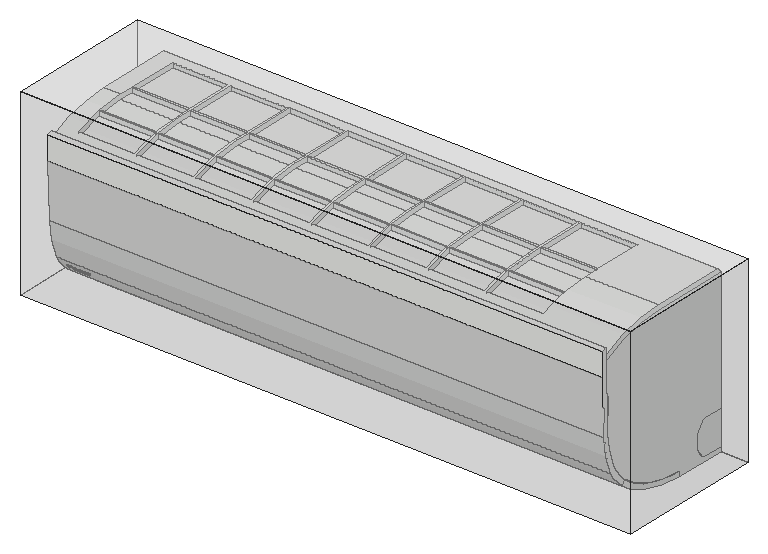
Revit family "outputfile", category 機械設備, Revit 2024
Family settings
  丸型コネクタ寸法 = 半径を使用
  パーツ タイプ = 標準
  OmniClass 番号 = 23.75.10.24.21.27.27
  OmniClass タイトル = Split System Air Conditioning Units
  作業面ベース = いいえ
  常に垂直 = はい
  ロード時にボイドで切り取り = いいえ
  注釈の向きを維持 = いいえ
  共有 = いいえ
  部屋計算ポイント = いいえ
Parameters (values of type "CTKM60VVMG")
  Description = ""
  書き出し IFC クラス(タイプ) = "IfcUnitaryEquipmentType"
  定義済み IFC タイプ(タイプ) = "AIRCONDITIONINGUNIT"
  Cost = 0
  Type Comments = ""
  Keynote = ""
  Type Image = (empty or 0)
  Assembly Code = ""
  w_wall hole = if(Width = 770.0 mm, 48.0 mm, 60.0 mm)  # 60.0 mm
  製造元 = "Daikin"
  モデル = "CTKM60VVMG"
  switch_frequency = yes
  r_Liquid Pipe Size = Liquid Pipe Size / 2  # 3.2 mm
  r_Gas Pipe Size = Gas Pipe Size / 2  # 6.35 mm
  r_Drain Pipe Size = Drain Pipe Size / 2  # 8.0 mm
  lw_powersupply [instance] = if(Width = 770.0 mm, if(or(Rear Right Connection_refrigerant, Bottom Right Connection_refrigerant), 25.0 mm, if(or(Rear Left Connection_refrigerant, Bottom Left Connection_refrigerant), 745.0 mm, 400.0 mm)), if(Width = 990.0 mm, if(or(Rear Right Connection_refrigerant, Bottom Right Connection_refrigerant), 40.0 mm, if(or(Rear Left Connection_refrigerant, Bottom Left Connection_refrigerant), 920.0 mm, 400.0 mm)), if(or(Rear Right Connection_refrigerant, Bottom Right Connection_refrigerant), 40.0 mm, if(or(Rear Left Connection_refrigerant, Bottom Left Connection_refrigerant), 920.0 mm, 400.0 mm))))  # 400.0 mm
  lw_liquidpipe [instance] = if(Width = 770.0 mm, if(or(Rear Right Connection_refrigerant, Bottom Right Connection_refrigerant), 0.0 mm, if(or(Rear Left Connection_refrigerant, Bottom Left Connection_refrigerant), 664.0 mm, 385.0 mm)), if(Width = 990.0 mm, if(or(Rear Right Connection_refrigerant, Bottom Right Connection_refrigerant), 0.0 mm, if(or(Rear Left Connection_refrigerant, Bottom Left Connection_refrigerant), 664.0 mm + (990.0 mm - 770.0 mm), 475.0 mm)), if(or(Rear Right Connection_refrigerant, Bottom Right Connection_refrigerant), 0.0 mm, if(or(Rear Left Connection_refrigerant, Bottom Left Connection_refrigerant), 664.0 mm + (990.0 mm - 770.0 mm), 475.0 mm))))  # 475.0 mm
  lw_gaspipe [instance] = if(Width = 770.0 mm, if(or(Rear Right Connection_refrigerant, Bottom Right Connection_refrigerant), 0.0 mm, if(or(Rear Left Connection_refrigerant, Bottom Left Connection_refrigerant), 675.0 mm, if(Gas Pipe Size = 12.7 mm, 345.0 mm, 335.0 mm))), if(Width = 990.0 mm, if(or(Rear Right Connection_refrigerant, Bottom Right Connection_refrigerant), 10.0 mm, if(or(Rear Left Connection_refrigerant, Bottom Left Connection_refrigerant), 890.0 mm, if(Gas Pipe Size = 15.9 mm, 410.0 mm, 400.0 mm))), if(or(Rear Right Connection_refrigerant, Bottom Right Connection_refrigerant), 10.0 mm, if(or(Rear Left Connection_refrigerant, Bottom Left Connection_refrigerant), 890.0 mm, if(Gas Pipe Size = 15.9 mm, 410.0 mm, 400.0 mm)))))  # 400.0 mm
  lw_drainpipe [instance] = if(Width = 770.0 mm, if(or(Rear Right Connection_refrigerant, Bottom Right Connection_refrigerant), 0.0 mm, if(or(Rear Left Connection_refrigerant, Bottom Left Connection_refrigerant), 770.0 mm - 48.0 mm - 48.0 mm, 440.0 mm)), if(Width = 990.0 mm, if(or(Rear Right Connection_refrigerant, Bottom Right Connection_refrigerant), 0.0 mm, if(or(Rear Left Connection_refrigerant, Bottom Left Connection_refrigerant), 675.0 mm + (990.0 mm - 770.0 mm), 435.0 mm)), if(or(Rear Right Connection_refrigerant, Bottom Right Connection_refrigerant), 0.0 mm, if(or(Rear Left Connection_refrigerant, Bottom Left Connection_refrigerant), 675.0 mm + (990.0 mm - 770.0 mm), 435.0 mm))))  # 435.0 mm
  l_powersupply_length [instance] = if(Width = 770.0 mm, if(Right Connection_refrigerant, 400.0 mm, if(Left Connection_refrigerant, 770.0 mm - 400.0 mm, if(or(Rear Left Connection_refrigerant, Rear Right Connection_refrigerant), 15.0 mm, 50.0 mm))), if(Width = 990.0 mm, if(Right Connection_refrigerant, 400.0 mm, if(Left Connection_refrigerant, 990.0 mm - 400.0 mm, if(or(Rear Left Connection_refrigerant, Rear Right Connection_refrigerant), 15.0 mm, 50.0 mm))), if(Right Connection_refrigerant, 400.0 mm, if(Left Connection_refrigerant, 990.0 mm - 400.0 mm, if(or(Rear Left Connection_refrigerant, Rear Right Connection_refrigerant), 15.0 mm, 50.0 mm)))))  # 400.0 mm
  l_liquidpipe_length [instance] = if(Width = 770.0 mm, if(Right Connection_refrigerant, 433.0 mm, if(Left Connection_refrigerant, 337.0 mm, if(or(Rear Left Connection_refrigerant, Rear Right Connection_refrigerant), 30.0 mm, 40.0 mm))), if(Width = 990.0 mm, if(Right Connection_refrigerant, 535.0 mm, if(Left Connection_refrigerant, 455.0 mm, if(or(Rear Left Connection_refrigerant, Rear Right Connection_refrigerant), 30.0 mm, 40.0 mm))), if(Right Connection_refrigerant, 535.0 mm, if(Left Connection_refrigerant, 455.0 mm, if(or(Rear Left Connection_refrigerant, Rear Right Connection_refrigerant), 30.0 mm, 40.0 mm)))))  # 535.0 mm
  l_gaspipe_length [instance] = if(Width = 770.0 mm, if(Right Connection_refrigerant, if(Gas Pipe Size = 12.7 mm, 393.0 mm, 383.0 mm), if(Left Connection_refrigerant, if(Gas Pipe Size = 12.7 mm, 770.0 mm - 393.0 mm, 770.0 mm - 383.0 mm), if(or(Rear Left Connection_refrigerant, Rear Right Connection_refrigerant), 40.0 mm, 50.0 mm))), if(Width = 990.0 mm, if(Right Connection_refrigerant, if(Gas Pipe Size = 15.9 mm, 470.0 mm, 460.0 mm), if(Left Connection_refrigerant, if(Gas Pipe Size = 15.9 mm, 990.0 mm - 470.0 mm, 990.0 mm - 460.0 mm), if(or(Rear Left Connection_refrigerant, Rear Right Connection_refrigerant), 40.0 mm, 50.0 mm))), if(Right Connection_refrigerant, if(Gas Pipe Size = 15.9 mm, 470.0 mm, 460.0 mm), if(Left Connection_refrigerant, if(Gas Pipe Size = 15.9 mm, 990.0 mm - 470.0 mm, 990.0 mm - 460.0 mm), if(or(Rear Left Connection_refrigerant, Rear Right Connection_refrigerant), 40.0 mm, 50.0 mm)))))  # 460.0 mm
  l_drainpipe_length [instance] = if(Width = 770.0 mm, if(Right Connection_refrigerant, 488.0 mm, if(Left Connection_refrigerant, 282.0 mm, if(or(Rear Left Connection_refrigerant, Rear Right Connection_refrigerant), 15.0 mm, 20.0 mm))), if(Width = 990.0 mm, if(Right Connection_refrigerant, 495.0 mm, if(Left Connection_refrigerant, 495.0 mm, if(or(Rear Left Connection_refrigerant, Rear Right Connection_refrigerant), 15.0 mm, 20.0 mm))), if(Right Connection_refrigerant, 495.0 mm, if(Left Connection_refrigerant, 495.0 mm, if(or(Rear Left Connection_refrigerant, Rear Right Connection_refrigerant), 15.0 mm, 20.0 mm)))))  # 495.0 mm
  h*** = 0.0 mm  # constant formula
  connector_voltage = Voltage_50Hz  # 230 V
  connector_powerinput = [Power Input (Cooling)]  # 0.000 kW
  connector_phase = Phase_50Hz  # 1
  angle_vertical [instance] = if(or(Bottom Left Connection_refrigerant, Bottom Right Connection_refrigerant), 0.00°, 90.00°)  # 90.00°
  angle_horizontal [instance] = if(Right Connection_refrigerant, 90.00°, if(Left Connection_refrigerant, -90.00°, if(or(Rear Left Connection_refrigerant, Rear Right Connection_refrigerant), 180.00°, 0.00°)))  # 90.00°
  Width = 990.0 mm
  Voltage_comment_50Hz = "220 - 240"
  Voltage_50Hz = 230 V
  Version = "ver.1.0"
  Unit Type = "Wall Mounted"
  Unit Mass Weight = 13.00 kg
  Unit Designation [instance] = ""
  Uniclass2015Version = "Products v1.30"
  Uniclass2015Title = "Split coil room air conditioning units"
  Uniclass2015Code = "Pr_70_65_03_86"
  URL = ""
  Total Cooling Capacity [instance] = 0.000 kW
  Sound Pressure Level_M speed (dBA) = 42
  Sound Pressure Level_L speed (dBA) = 36
  Sound Pressure Level_H speed (dBA) = 48
  Sound Power Level_H speed (dB) = 0
  Series = "Multi Split_Fan Coil Unit"
  Sensible Cooling Capacity [instance] = 0.000 kW
  Refrigerant Type = "R32"
  Power Input (Cooling) = 0.000 kW
  Phase_50Hz = 1
  Option Accessory 3 [instance] = ""
  Option Accessory 2 [instance] = ""
  Option Accessory 1 [instance] = ""
  Nominal Cooling Capacity = 6.000 kW
  Minimum Circuit Amps_50Hz = 0.0 A
  Minimum Airflow = 762.00 m³/h
  Median Airflow = 948.00 m³/h
  Maximum Fuse Amps_50Hz = 0.0 A
  Maximum Airflow = 1150.00 m³/h
  Material_Casing = DAIKIN_White_Casing_indoorunit
  Load Classification = HVAC
  Liquid Pipe Size = 6.4 mm
  Link_Nested Family [instance] = ""
  IfcVersion = ""
  IfcExportType = "AIRCONDITIONINGUNIT"
  IfcExportAs = "IfcUnitaryEquipmentType"
  Height = 295.0 mm
  Heat Exchanger Type = "Cross Fin Coil"
  Gas Pipe Size = 12.7 mm
  Frequency_50Hz = 50 Hz
  Fan Type = "Cross Flow Fan"
  Fan Drive = "Direct Drive"
  FCU Tag No. [instance] = ""
  Drain Pipe Size = 16.0 mm
  Design Supply Airflow [instance] = 0.00 m³/h
  Depth = 263.0 mm
  既定の高さ = 0.0 mm
  Cooling Entering Wet Bulb Temperature [instance] = 0.00 °C
  Cooling Entering Dry Bulb Temperature [instance] = 0.00 °C
  Cooling Ambient Wet Bulb Temperature [instance] = 0.00 °C
  Cooling Ambient Dry Bulb Temperature [instance] = 0.00 °C
  Clearance visibility [instance] = yes
  Clearance Top = 30.0 mm
  Clearance Right = 50.0 mm
  Clearance Rear = 0.0 mm
  Clearance Left = 50.0 mm
  Clearance Front = 0.0 mm
  Clearance Bottom = 0.0 mm
  Bottom Right Connection_refrigerant [instance] = no
  Bottom Left Connection_refrigerant [instance] = no
  Rear Right Connection_refrigerant [instance] = no
  Rear Left Connection_refrigerant [instance] = no
  Right Connection_refrigerant [instance] = yes
  Left Connection_refrigerant [instance] = no
Reference planes
  plane 1 "Back": y = 0
  plane 2: z = 0
  plane 3 "Center (Left/Right)": x = 0
  plane 4 "Center (Front/Back)": y = -131.5
  plane 5 "Front": y = -263
  plane 6 "Left": x = -495
  plane 7 "Right": x = 495
  plane 8 "Top": z = 0
  plane 9 "Bottom": z = -295
  plane 10: x = -545
  plane 11: x = 545
  plane 12: y = 0
  plane 13: y = -263
  plane 14: z = 30
  plane 15: z = -295
  plane 16 "lw_Piping and Wiring intake": x = 435
  plane 17 "lw_gaspipe": x = 35
  plane 18 "lw_liquidpipe": x = -40
  plane 19 "lw_drainpipe": x = 0
  plane 20 "lh_drainpipe": z = -275
  plane 21 "lh_liquidpipe": z = -255
  plane 22 "lh_gaspipe": z = -245
  plane 23 "ld_drainpipe": y = -15
  plane 24 "ld_liquidpipe": y = -30
  plane 25 "ld_gaspipe": y = -40
  plane 26 "lw_powersupply": x = 95
Dimensions and locks
  equal spacing: plane 6 "Left", plane 3 "Center (Left/Right)", plane 7 "Right"
  "Width": plane 6 "Left" to plane 7 "Right"
  equal spacing: plane 5 "Front", plane 4 "Center (Front/Back)", plane 1 "Back"
  "Depth": plane 5 "Front" to plane 1 "Back"
  "Height": plane 8 "Top" to plane 9 "Bottom"
  "Clearance Rear": plane 12 to plane 1 "Back"
  "Clearance Front": plane 13 to plane 5 "Front"
  "Clearance Top": plane 14 to plane 8 "Top"
  "Clearance Bottom": plane 9 "Bottom" to plane 15
  "w_wall hole": plane 16 "lw_Piping and Wiring intake" to plane 7 "Right"
  "lw_gaspipe": plane 17 "lw_gaspipe" to plane 16 "lw_Piping and Wiring intake"
  "lw_liquidpipe": plane 18 "lw_liquidpipe" to plane 16 "lw_Piping and Wiring intake"
  "lw_drainpipe": plane 19 "lw_drainpipe" to plane 16 "lw_Piping and Wiring intake"
  locked: plane 20 "lh_drainpipe" to plane 9 "Bottom" at 20
  locked: plane 21 "lh_liquidpipe" to plane 9 "Bottom" at 40
  locked: plane 22 "lh_gaspipe" to plane 9 "Bottom" at 50
  locked: plane 23 "ld_drainpipe" to plane 1 "Back" at 15
  locked: plane 1 "Back" to plane 24 "ld_liquidpipe" at 30
  locked: plane 1 "Back" to plane 25 "ld_gaspipe" at 40
  "lw_powersupply": plane 26 "lw_powersupply" to plane 7 "Right"
  "Clearance Left": plane 10 to plane 6 "Left"
  "Clearance Right": plane 7 "Right" to plane 11
  aligned and locked: level to plane 2
  aligned and locked: plane 12 to nested 1
  aligned and locked: nested 1 to plane 13
  aligned and locked: plane 10 to nested 1
  aligned and locked: plane 11 to nested 1
  aligned and locked: plane 15 to nested 1
  aligned and locked: plane 14 to nested 1
  aligned and locked: plane 17 "lw_gaspipe" to nested 2
  aligned and locked: nested 2 to plane 25 "ld_gaspipe"
  aligned and locked: plane 18 "lw_liquidpipe" to nested 3
  aligned and locked: nested 3 to plane 24 "ld_liquidpipe"
  aligned and locked: plane 19 "lw_drainpipe" to nested 4
  aligned and locked: nested 4 to plane 23 "ld_drainpipe"
  aligned and locked: nested 5 to plane 23 "ld_drainpipe"
  aligned and locked: plane 26 "lw_powersupply" to nested 5
  aligned and locked: level to plane 8 "Top"
  aligned and locked: plane 3 "Center (Left/Right)" to nested 6
  aligned and locked: plane 1 "Back" to nested 6
  aligned and locked: plane 8 "Top" to nested 6
Nested families
  nested 1: "daikin_clearancespace" at (0, -131.5, -132.381), show <- "Clearance visibility", visible <- "Clearance visibility", Link_Nested Family <- "Link_Nested Family", type "daikin_clearancespace"
    with width 1090.0 mm, show yes, height 325.0 mm, depth 263.0 mm, Link_Nested Family ""
  nested 2: "daikin_connector_rotate3" at (35, -40, -245), angle_vertical <- "angle_vertical", angle_horizontal <- "angle_horizontal", length <- "l_gaspipe_length", radius <- "r_Gas Pipe Size", type "daikin_connector_rotate3"
    with show no, radius 6.35 mm, length 460.0 mm, angle_vertical 90.00°, angle_horizontal 90.00°
  nested 3: "daikin_connector_rotate3" at (-40, -30, -255), angle_vertical <- "angle_vertical", angle_horizontal <- "angle_horizontal", radius <- "r_Liquid Pipe Size", length <- "l_liquidpipe_length", type "daikin_connector_rotate3"
    with show no, radius 3.2 mm, length 535.0 mm, angle_vertical 90.00°, angle_horizontal 90.00°
  nested 4: "daikin_connector_rotate3" at (0, -15, -275), angle_vertical <- "angle_vertical", angle_horizontal <- "angle_horizontal", length <- "l_drainpipe_length", radius <- "r_Drain Pipe Size", type "daikin_connector_rotate3"
    with show no, radius 8.0 mm, length 495.0 mm, angle_vertical 90.00°, angle_horizontal 90.00°
  nested 5: "daikin_connector_rotate3" at (95, -15, -245), angle_vertical <- "angle_vertical", angle_horizontal <- "angle_horizontal", length <- "l_powersupply_length", type "daikin_connector_rotate3"
    with show no, radius 10.0 mm, length 400.0 mm, angle_vertical 90.00°, angle_horizontal 90.00°
  nested 6: "DAIKIN_indoorunit_CTKM-VVMG" at (-31, 0, 0), type "CTKM-VVMG"
    with switch_unit1_60-71 yes, switch_unit1_25-50 no, Width 990.0 mm, WALL HOLE-R 60.0 mm, WALL HOLE Size 80.0 mm, Height 295.0 mm
Connectors
  piping at (495, -40, -245), diameter 12.7, driven by "r_Gas Pipe Size"
    settings: on nested 2, index 1, connector inside diameter 609.6 mm, connector length 0.0 mm, flow factor 0, pipe flow 0.00 m³/h, pressure drop 0.0 Pa, fitting loss kfactor 0, connector angle 0.00°, fixture units 0, engagement length 0.0 mm, angle of deflection 0.00°, flow configuration 1, flow direction 2, fitting loss method 0, system type 29, joint type 0, gender type 0, connector reference index -1, connector utility 0, adjustable connector no, is connector primary yes, connector description "Refrigerant Gas Piping"
  piping at (495, -30, -255), diameter 6.4, driven by "r_Liquid Pipe Size"
    settings: on nested 3, index 2, connector inside diameter 609.6 mm, connector length 0.0 mm, flow factor 0, pipe flow 0.00 m³/h, pressure drop 0.0 Pa, fitting loss kfactor 0, connector angle 0.00°, fixture units 0, engagement length 0.0 mm, angle of deflection 0.00°, flow configuration 1, flow direction 1, fitting loss method 0, system type 29, joint type 0, gender type 0, connector reference index -1, connector utility 0, adjustable connector no, is connector primary no, connector description "Refrigerant Liquid Piping"
  piping at (495, -15, -275), diameter 16, driven by "r_Drain Pipe Size"
    settings: on nested 4, index 3, connector inside diameter 609.6 mm, connector length 0.0 mm, flow factor 0, pipe flow 0.00 m³/h, pressure drop 0.0 Pa, fitting loss kfactor 0, connector angle 0.00°, fixture units 0, engagement length 0.0 mm, angle of deflection 0.00°, flow configuration 1, flow direction 2, fitting loss method 4, system type 16, joint type 0, gender type 0, connector reference index -1, connector utility 0, adjustable connector no, is connector primary no, connector description "Condensate Drain Piping"
  electrical at (495, -15, -245), driven by "Load Classification", driven by "connector_powerinput", driven by "connector_phase", driven by "connector_voltage"
    settings: on nested 5, index 4, voltage 230 V, apparent load 0 VA, apparent load phase1 0 VA, apparent load phase2 0 VA, apparent load phase3 0 VA, power factor 1, load classification "HVAC", number of poles 1, system type 30, power factor state 1, is connector primary yes, connector utility no, sub classification motor no, connector description "Power Supply"
Definition of nested family "daikin_clearancespace"
  Parameters (values of type "daikin_clearancespace")
    Description = "daikin_clearancespace"
    width [instance] = 1823.963 mm
    show [instance] = yes
    material = none
    height [instance] = 1359.762 mm
    depth [instance] = 880.0 mm
    Default Elevation = 0.0 mm
    Link_Nested Family [instance] = ""
  Reference planes
    plane 1 "Center (Front/Back)": y = 0
    plane 2 "Center (Elevation)": z = -0.119
    plane 3 "Center (Left/Right)": x = 0
    plane 4: y = 440
    plane 5: y = -440
    plane 6 "Right": x = 911.982
    plane 7 "Left": x = -911.982
    plane 8 "Top": z = 679.762
    plane 9 "Bottom": z = -680
  Forms (mm)
    Extrusion 1, solid, material <- "material", visible <- "show"
      sketch origin (0, 0, 0) x (1, 0, 0) y (0, 1, 0)
        loop
          line (-911.982, 440) -> (-911.982, -440) -> (911.982, -440) -> (911.982, 440) -> (-911.982, 440)
      from -680 to 679.762
  Lines and regions (mm)
    symbolic lines, visible <- "show"
      curve 1: line (911.982, 440, 0) -> (-911.982, 440, 0)
      curve 2: line (-911.982, 440, 0) -> (-911.982, -440, 0)
      curve 3: line (-911.982, -440, 0) -> (911.982, -440, 0)
      curve 4: line (911.982, -440, 0) -> (911.982, 440, 0)
      curve 5: line (911.982, 0, 679.762) -> (-911.982, 0, 679.762)
      curve 6: line (911.982, 0, -680) -> (911.982, 0, 679.762)
      curve 7: line (-911.982, 0, -680) -> (911.982, 0, -680)
      curve 8: line (-911.982, 0, 679.762) -> (-911.982, 0, -680)
      curve 9: line (0, 440, 679.762) -> (0, -440, 679.762)
      curve 10: line (0, -440, 679.762) -> (0, -440, -680)
      curve 11: line (0, 440, -680) -> (0, 440, 679.762)
      curve 12: line (0, -440, -680) -> (0, 440, -680)
  Dimensions and locks
    "width": plane 7 "Left" to plane 6 "Right"
    "depth": plane 4 to plane 5
    "height": plane 8 "Top" to plane 9 "Bottom"
    equal spacing: plane 7 "Left", plane 3 "Center (Left/Right)", plane 6 "Right"
    equal spacing: plane 4, plane 1 "Center (Front/Back)", plane 5
    equal spacing: plane 8 "Top", plane 2 "Center (Elevation)", plane 9 "Bottom"
    aligned and locked: level to plane 2 "Center (Elevation)"
    aligned and locked: Extrusion 1 sketch curve to plane 4
    aligned and locked: plane 7 "Left" to Extrusion 1 sketch curve
    aligned and locked: Extrusion 1 sketch curve to plane 5
    aligned and locked: Extrusion 1 sketch curve to plane 6 "Right"
    aligned and locked: plane 8 "Top" to Extrusion 1
    aligned and locked: curve 1 to Extrusion 1
    aligned and locked: curve 2 to Extrusion 1
    aligned and locked: curve 3 to Extrusion 1
    aligned and locked: curve 4 to Extrusion 1
    aligned and locked: curve 5 to Extrusion 1
    aligned and locked: curve 6 to Extrusion 1
    aligned and locked: curve 7 to Extrusion 1
    aligned and locked: curve 8 to Extrusion 1
    aligned and locked: curve 9 to Extrusion 1
    aligned and locked: curve 10 to Extrusion 1
    aligned and locked: curve 11 to Extrusion 1
    aligned and locked: curve 12 to Extrusion 1
    aligned and locked: Extrusion 1 to plane 9 "Bottom"
Definition of nested family "DAIKIN_indoorunit_CTKM-VVMG"
  Parameters (values of type "CTKM-VVMG")
    switch_unit1_60-71 = Width = 990.0 mm  # no
    switch_unit1_25-50 = Width = 770.0 mm  # yes
    Width = 770.0 mm
    WALL HOLE-R = if(Width = 770.0 mm, 48.0 mm, 60.0 mm)  # 48.0 mm
    WALL HOLE Size = if(Width = 770.0 mm, 65.0 mm, 80.0 mm)  # 65.0 mm
    Material_Casing = none
    Height = if(Width = 770.0 mm, 285.0 mm, 295.0 mm)  # 285.0 mm
    Default Elevation = 0.0 mm
  Reference planes
    plane 1 "Center (Front/Back)": y = 0
    plane 2 "reference_level": z = 0
    plane 3 "Center (Left/Right)": x = 31
    plane 4: x = -354
    plane 5: x = 416
    plane 6: z = -285
  Forms (mm)
    Extrusion 1, solid, material <- "Material_Casing", visible <- "switch_unit1_25-50"
      sketch origin (29, 0, 0) x (0, 1, 0) y (0, 0, 1)
        loop
          line (-5, 0) -> (-98, 0)
          arc (-98, 0) -> (-157.611, -7.211) -> (-213.783, -28.427) r 250
          arc (-213.783, -28.427) -> (-213.842, -32.972) -> (-213.892, -37.516) r 2191
          arc (-213.892, -37.516) -> (-157.832, -15.495) -> (-98.07, -8) r 242
          line (-98.07, -8) -> (0, -8) -> (-5, 0)
      from -383 to 387
    Extrusion 2, solid, material <- "Material_Casing", visible <- "switch_unit1_25-50"
      sketch origin (416, 1296.25, 1200) x (0, 1, 0) y (0, 0, 1)
        loop
          line (-1472.998, -1446.91) -> (-1476.998, -1453.839)
          arc (-1476.998, -1453.839) -> (-1437.481, -1472.422) -> (-1395.25, -1483.538) r 240
          line (-1395.25, -1483.538) -> (-1395.25, -1475.422)
          arc (-1395.25, -1475.422) -> (-1435.407, -1464.663) -> (-1472.998, -1446.91) r 232
      from 0 to -47.5
    Extrusion 3, solid, material <- "Material_Casing", visible <- "switch_unit1_25-50"
      sketch origin (29, 0, 0) x (0, 1, 0) y (0, 0, 1)
        loop
          arc (-223, -60.455) -> (-222.414, -110.646) -> (-220.656, -160.81) r 2149.92
          arc (-220.656, -160.81) -> (-219.65, -174.299) -> (-217.853, -187.706) r 229.911
          arc (-217.853, -187.706) -> (-205.371, -223.594) -> (-181.517, -253.17) r 111
          line (-181.517, -253.17) -> (-177.429, -246.093)
          arc (-177.429, -246.093) -> (-198.77, -218.989) -> (-209.965, -186.36) r 103
          arc (-209.965, -186.36) -> (-211.681, -173.586) -> (-212.651, -160.735) r 221.844
          arc (-212.651, -160.735) -> (-214.739, -93.233) -> (-214.74, -25.699) r 2186.828
          arc (-214.74, -25.699) -> (-214.671, -21.467) -> (-214.594, -17.235) r 2192
          line (-214.594, -17.235) -> (-223, -19.961) -> (-223, -60.455)
      from -383 to 387
    Extrusion 4, solid, material <- "Material_Casing", visible <- "switch_unit1_25-50"
      sketch origin (29, 0, -20) x (0, 1, 0) y (0, 0, 1)
        loop
          line (0, -265) -> (0, 12) -> (-98.07, 12)
          arc (-98.07, 12) -> (-157.832, 4.505) -> (-213.892, -17.516) r 242
          arc (-213.892, -17.516) -> (-213.638, -79.114) -> (-211.653, -140.681) r 2191
          arc (-211.653, -140.681) -> (-210.685, -153.501) -> (-208.973, -166.243) r 221
          arc (-208.973, -166.243) -> (-197.471, -199.282) -> (-175.482, -226.491) r 102
          arc (-175.482, -226.491) -> (-138.004, -244.019) -> (-98, -254.579) r 231
          line (-98, -254.579) -> (-98, -265) -> (0, -265)
      from -383 to 387
    Extrusion 5, solid, material <- "Material_Casing", visible <- "switch_unit1_25-50"
      sketch origin (-354, 1296.25, 1200) x (0, 1, 0) y (0, 0, 1)
        loop
          line (-1472.998, -1446.91) -> (-1476.998, -1453.839)
          arc (-1476.998, -1453.839) -> (-1437.481, -1472.422) -> (-1395.25, -1483.538) r 240
          line (-1395.25, -1483.538) -> (-1395.25, -1475.422)
          arc (-1395.25, -1475.422) -> (-1435.407, -1464.663) -> (-1472.998, -1446.91) r 232
      from 47 to 0
    Extrusion 6, solid, material <- "Material_Casing", visible <- "switch_unit1_25-50"
      sketch origin (416, 1296.25, 1200) x (0, 1, 0) y (0, 0, 1)
        loop
          line (-1472.998, -1446.91) -> (-1476.998, -1453.839)
          arc (-1476.998, -1453.839) -> (-1443.437, -1470.168) -> (-1407.75, -1481.097) r 240
          line (-1407.75, -1481.097) -> (-1407.75, -1472.894)
          arc (-1407.75, -1472.894) -> (-1441.363, -1462.385) -> (-1472.998, -1446.91) r 232
      from -116.993 to -48.493
    Extrusion 7, solid, material <- "Material_Casing", visible <- "switch_unit1_25-50"
      sketch origin (416, 1296.25, 1200) x (0, 1, 0) y (0, 0, 1)
        loop
          line (-1472.998, -1446.91) -> (-1476.998, -1453.839)
          arc (-1476.998, -1453.839) -> (-1443.437, -1470.168) -> (-1407.75, -1481.097) r 240
          line (-1407.75, -1481.097) -> (-1407.75, -1472.894)
          arc (-1407.75, -1472.894) -> (-1441.363, -1462.385) -> (-1472.998, -1446.91) r 232
      from -717 to -121.993
    Extrusion 8, void
      sketch origin (31, 0, -235) x (1, 0, 0) y (0, 1, 0)
        loop
          line (-252.674, -22.316) -> (-354.941, -22.316) -> (-354.941, -91.341) -> (-252.674, -91.341) -> (-252.674, -22.316)
        loop
          line (-249.341, -91.341) -> (-151.574, -91.341) -> (-151.574, -22.316) -> (-249.341, -22.316) -> (-249.341, -91.341)
        loop
          line (58.309, -22.316) -> (-148.309, -22.316) -> (-148.309, -91.341) -> (58.309, -91.341) -> (58.309, -22.316)
        loop
          line (61.689, -22.316) -> (61.689, -91.341) -> (159.457, -91.341) -> (159.457, -22.316) -> (61.689, -22.316)
        loop
          line (162.789, -22.316) -> (162.789, -91.341) -> (265.057, -91.341) -> (265.057, -22.316) -> (162.789, -22.316)
        loop
          line (-354.941, -94.659) -> (-354.941, -165.259) -> (-252.674, -165.259) -> (-252.674, -94.659) -> (-354.941, -94.659)
        loop
          line (-249.341, -94.659) -> (-249.341, -165.259) -> (-151.574, -165.259) -> (-151.574, -94.659) -> (-249.341, -94.659)
        loop
          line (-148.309, -94.659) -> (-148.309, -165.259) -> (58.309, -165.259) -> (58.309, -94.659) -> (-148.309, -94.659)
        loop
          line (61.689, -94.659) -> (61.689, -165.259) -> (159.457, -165.259) -> (159.457, -94.659) -> (61.689, -94.659)
        loop
          line (162.789, -94.659) -> (162.789, -165.259) -> (265.057, -165.259) -> (265.057, -94.659) -> (162.789, -94.659)
        loop
          line (-354.941, -167.382) -> (-354.941, -192.681) -> (-252.674, -192.681) -> (-252.674, -167.382) -> (-354.941, -167.382)
        loop
          line (-249.341, -167.382) -> (-249.341, -192.681) -> (-151.574, -192.681) -> (-151.574, -167.382) -> (-249.341, -167.382)
        loop
          line (-148.309, -167.382) -> (-148.309, -192.681) -> (58.309, -192.681) -> (58.309, -167.382) -> (-148.309, -167.382)
        loop
          line (159.457, -167.382) -> (61.689, -167.382) -> (61.689, -192.681) -> (159.457, -192.681) -> (159.457, -167.382)
        loop
          line (265.057, -167.382) -> (162.789, -167.382) -> (162.789, -192.681) -> (265.057, -192.681) -> (265.057, -167.382)
      from 201.638 to 250
    Extrusion 9, solid, material <- "Material_Casing"
      sketch origin (31, 0, 0) x (1, 0, 0) y (0, 0, 1)
        loop
          circle (337, -240.5) r 32.5
        loop
          circle (-337, -240.5) r 32.5
      from 0 to 5
    Extrusion 10, solid, material <- "Material_Casing", visible <- "switch_unit1_25-50"
      sketch origin (416, 1296.25, 1200) x (0, -1, 0) y (0, 0, 1)
        loop
          line (1326.25, -1417) -> (1296.25, -1417) -> (1296.25, -1477) -> (1326.25, -1477)
          arc (1326.25, -1477) -> (1340.393, -1471.142) -> (1346.25, -1457) r 20
          line (1346.25, -1457) -> (1346.25, -1437)
          arc (1346.25, -1437) -> (1340.393, -1422.858) -> (1326.25, -1417) r 20
      from 0 to 5
    Extrusion 11, solid, material <- "Material_Casing", visible <- "switch_unit1_25-50"
      sketch origin (-354, 1296.25, 1200) x (0, 1, 0) y (0, 0, 1)
        loop
          line (-1296.25, -1417) -> (-1326.25, -1417)
          arc (-1326.25, -1417) -> (-1340.393, -1422.858) -> (-1346.25, -1437) r 20
          line (-1346.25, -1437) -> (-1346.25, -1457)
          arc (-1346.25, -1457) -> (-1340.393, -1471.142) -> (-1326.25, -1477) r 20
          line (-1326.25, -1477) -> (-1296.25, -1477) -> (-1296.25, -1417)
      from 0 to 5
    Extrusion 12, solid, material <- "Material_Casing", visible <- "switch_unit1_25-50"
      sketch origin (31, 0, -285) x (-1, 0, 0) y (0, -1, 0)
        loop
          line (-314, 0) -> (-314, 30)
          arc (-314, 30) -> (-319.858, 44.142) -> (-334, 50) r 20
          line (-334, 50) -> (-354, 50)
          arc (-354, 50) -> (-368.142, 44.142) -> (-374, 30) r 20
          line (-374, 30) -> (-374, 0) -> (-314, 0)
        loop
          line (374, 0) -> (374, 30)
          arc (374, 30) -> (368.142, 44.142) -> (354, 50) r 20
          line (354, 50) -> (334, 50)
          arc (334, 50) -> (319.858, 44.142) -> (314, 30) r 20
          line (314, 30) -> (314, 0) -> (374, 0)
      from 0 to 5
    Extrusion 13, solid, material <- "Material_Casing", visible <- "switch_unit1_60-71"
      sketch origin (31, 0, 0) x (0, 1, 0) y (0, 0, 1)
        loop
          line (-5, 0) -> (-138, 0)
          arc (-138, 0) -> (-197.611, -7.211) -> (-253.783, -28.427) r 250
          arc (-253.783, -28.427) -> (-253.838, -32.687) -> (-253.886, -36.946) r 2191
          arc (-253.886, -36.946) -> (-197.73, -15.346) -> (-138.014, -8) r 246.393
          line (-138.014, -8) -> (0, -8) -> (-5, 0)
      from -495 to 495
    Extrusion 14, solid, material <- "Material_Casing", visible <- "switch_unit1_60-71"
      sketch origin (418, 1296.25, 1200) x (0, 1, 0) y (0, 0, 1)
        loop
          arc (-1515.208, -1454.149) -> (-1506.856, -1460.599) -> (-1497.925, -1466.219) r 110
          arc (-1497.925, -1466.219) -> (-1445.718, -1487.493) -> (-1389.844, -1494.995) r 223
          line (-1389.844, -1494.995) -> (-1389.844, -1486.086) -> (-1404.386, -1486.086)
          arc (-1404.386, -1486.086) -> (-1449.542, -1477.46) -> (-1491.818, -1459.402) r 214.289
          arc (-1491.818, -1459.402) -> (-1501.056, -1453.541) -> (-1509.606, -1446.715) r 101
          line (-1509.606, -1446.715) -> (-1515.208, -1454.149)
      from 108 to 57.5
    Extrusion 15, solid, material <- "Material_Casing", visible <- "switch_unit1_60-71"
      sketch origin (31, 0, 0) x (0, 1, 0) y (0, 0, 1)
        loop
          line (-263, -19.962) -> (-263, -61.6)
          arc (-263, -61.6) -> (-262.414, -110.219) -> (-260.656, -158.81) r 2017.341
          arc (-260.656, -158.81) -> (-255.648, -191.935) -> (-244.041, -223.362) r 164.725
          arc (-244.041, -223.362) -> (-233.569, -239.793) -> (-219.717, -253.495) r 87.379
          line (-219.717, -253.495) -> (-214.706, -246.846)
          arc (-214.706, -246.846) -> (-229.564, -230.029) -> (-240.385, -210.371) r 102
          arc (-240.385, -210.371) -> (-249.049, -182.962) -> (-252.848, -154.467) r 165.789
          arc (-252.848, -154.467) -> (-254.771, -90.102) -> (-254.74, -25.708) r 2122.533
          arc (-254.74, -25.708) -> (-254.671, -21.469) -> (-254.594, -17.23) r 2192
          line (-254.594, -17.23) -> (-263, -19.962)
      from -495 to 495
    Extrusion 16, void
      sketch origin (33, 0, 0) x (1, 0, 0) y (0, 1, 0)
        loop
          line (-466.909, -22.316) -> (-466.909, -111.341) -> (-366.303, -111.341) -> (-366.303, -22.316) -> (-466.909, -22.316)
        loop
          line (-362.71, -22.316) -> (-362.71, -111.341) -> (-262.103, -111.341) -> (-262.103, -22.316) -> (-362.71, -22.316)
        loop
          line (-258.51, -22.316) -> (-258.51, -111.341) -> (-157.904, -111.341) -> (-157.904, -22.316) -> (-258.51, -22.316)
        loop
          line (-154.31, -22.316) -> (-154.31, -111.341) -> (-53.704, -111.341) -> (-53.704, -22.316) -> (-154.31, -22.316)
        loop
          line (-50.11, -22.316) -> (-50.11, -111.341) -> (50.496, -111.341) -> (50.496, -22.316) -> (-50.11, -22.316)
        loop
          line (54.089, -22.316) -> (54.089, -111.341) -> (154.696, -111.341) -> (154.696, -22.316) -> (54.089, -22.316)
        loop
          line (158.289, -22.316) -> (158.289, -111.341) -> (258.895, -111.341) -> (258.895, -22.316) -> (158.289, -22.316)
        loop
          line (262.489, -22.316) -> (262.489, -111.341) -> (363.095, -111.341) -> (363.095, -22.316) -> (262.489, -22.316)
        loop
          line (-466.909, -114.459) -> (-466.909, -185.059) -> (-366.303, -185.059) -> (-366.303, -114.459) -> (-466.909, -114.459)
        loop
          line (-362.71, -114.459) -> (-362.71, -185.059) -> (-262.103, -185.059) -> (-262.103, -114.459) -> (-362.71, -114.459)
        loop
          line (-258.51, -114.459) -> (-258.51, -185.059) -> (-157.904, -185.059) -> (-157.904, -114.459) -> (-258.51, -114.459)
        loop
          line (-154.31, -114.459) -> (-154.31, -185.059) -> (-53.704, -185.059) -> (-53.704, -114.459) -> (-154.31, -114.459)
        loop
          line (-50.11, -114.459) -> (-50.11, -185.059) -> (50.496, -185.059) -> (50.496, -114.459) -> (-50.11, -114.459)
        loop
          line (54.089, -114.459) -> (54.089, -185.059) -> (154.696, -185.059) -> (154.696, -114.459) -> (54.089, -114.459)
        loop
          line (158.289, -114.459) -> (158.289, -185.059) -> (258.895, -185.059) -> (258.895, -114.459) -> (158.289, -114.459)
        loop
          line (262.489, -114.459) -> (262.489, -185.059) -> (363.095, -185.059) -> (363.095, -114.459) -> (262.489, -114.459)
        loop
          line (-466.909, -187.382) -> (-466.909, -232.681) -> (-366.303, -232.681) -> (-366.303, -187.382) -> (-466.909, -187.382)
        loop
          line (-362.71, -187.382) -> (-362.71, -232.681) -> (-262.103, -232.681) -> (-262.103, -187.382) -> (-362.71, -187.382)
        loop
          line (-258.51, -187.382) -> (-258.51, -232.681) -> (-157.904, -232.681) -> (-157.904, -187.382) -> (-258.51, -187.382)
        loop
          line (-154.31, -187.382) -> (-154.31, -232.681) -> (-53.704, -232.681) -> (-53.704, -187.382) -> (-154.31, -187.382)
        loop
          line (-50.11, -187.382) -> (-50.11, -232.681) -> (50.496, -232.681) -> (50.496, -187.382) -> (-50.11, -187.382)
        loop
          line (54.089, -187.382) -> (54.089, -232.681) -> (154.696, -232.681) -> (154.696, -187.382) -> (54.089, -187.382)
        loop
          line (158.289, -187.382) -> (158.289, -232.681) -> (258.895, -232.681) -> (258.895, -187.382) -> (158.289, -187.382)
        loop
          line (262.489, -187.382) -> (262.489, -232.681) -> (363.095, -232.681) -> (363.095, -187.382) -> (262.489, -187.382)
      from -40.013 to 47.268
    Extrusion 17, solid, material <- "Material_Casing", visible <- "switch_unit1_60-71"
      sketch origin (-356, 1296.25, 1200) x (0, 1, 0) y (0, 0, -1)
        loop
          line (-1515.208, 1454.149) -> (-1509.606, 1446.715)
          arc (-1509.606, 1446.715) -> (-1501.056, 1453.541) -> (-1491.818, 1459.402) r 101
          arc (-1491.818, 1459.402) -> (-1449.542, 1477.46) -> (-1404.386, 1486.086) r 214.289
          line (-1404.386, 1486.086) -> (-1389.844, 1486.086) -> (-1389.844, 1494.995)
          arc (-1389.844, 1494.995) -> (-1445.718, 1487.493) -> (-1497.925, 1466.219) r 223
          arc (-1497.925, 1466.219) -> (-1506.856, 1460.599) -> (-1515.208, 1454.149) r 110
      from 108 to 61
    Extrusion 18, solid, material <- "Material_Casing", visible <- "switch_unit1_60-71"
      sketch origin (418, 1296.25, 1200) x (0, 1, 0) y (0, 0, 1)
        loop
          arc (-1515.208, -1454.149) -> (-1506.856, -1460.599) -> (-1497.925, -1466.219) r 110
          arc (-1497.925, -1466.219) -> (-1463.185, -1482.066) -> (-1426.25, -1491.755) r 223
          line (-1426.25, -1491.755) -> (-1426.25, -1483.166)
          arc (-1426.25, -1483.166) -> (-1460.008, -1473.969) -> (-1491.818, -1459.402) r 214.289
          arc (-1491.818, -1459.402) -> (-1501.056, -1453.541) -> (-1509.606, -1446.715) r 101
          line (-1509.606, -1446.715) -> (-1515.208, -1454.149)
      from 56.5 to -36.993
    Extrusion 19, solid, material <- "Material_Casing", visible <- "switch_unit1_60-71"
      sketch origin (418, 1296.25, 1200) x (0, 1, 0) y (0, 0, 1)
        loop
          arc (-1426.25, -1483.166) -> (-1443.442, -1479.224) -> (-1460.25, -1473.881) r 214.289
          line (-1460.25, -1473.881) -> (-1460.25, -1483.089)
          arc (-1460.25, -1483.089) -> (-1443.421, -1488.091) -> (-1426.25, -1491.755) r 223
          line (-1426.25, -1491.755) -> (-1426.25, -1483.166)
      from -43.493 to -828.893
    Extrusion 20, solid, material <- "Material_Casing", visible <- "switch_unit1_60-71"
      sketch origin (418, 1296.25, 1200) x (0, 1, 0) y (0, 0, 1)
        loop
          arc (-1515.208, -1454.149) -> (-1506.856, -1460.599) -> (-1497.925, -1466.219) r 110
          arc (-1497.925, -1466.219) -> (-1479.479, -1475.527) -> (-1460.25, -1483.089) r 223
          line (-1460.25, -1483.089) -> (-1460.25, -1473.881)
          arc (-1460.25, -1473.881) -> (-1476.328, -1467.282) -> (-1491.818, -1459.402) r 214.289
          arc (-1491.818, -1459.402) -> (-1501.056, -1453.541) -> (-1509.606, -1446.715) r 101
          line (-1509.606, -1446.715) -> (-1515.208, -1454.149)
      from -43.493 to -828.893
    Extrusion 21, solid, material <- "Material_Casing", visible <- "switch_unit1_60-71"
      sketch origin (31, 0, -30) x (0, 1, 0) y (0, 0, 1)
        loop
          line (0, 22) -> (-138.014, 22)
          arc (-138.014, 22) -> (-197.73, 14.654) -> (-253.886, -6.946) r 246.393
          arc (-253.886, -6.946) -> (-253.682, -65.635) -> (-251.855, -124.295) r 2120.935
          arc (-251.855, -124.295) -> (-248.086, -152.682) -> (-239.461, -179.988) r 164.789
          arc (-239.461, -179.988) -> (-228.903, -199.231) -> (-214.437, -215.738) r 101
          line (-214.437, -215.738) -> (-212.406, -216.221)
          arc (-212.406, -216.221) -> (-204.07, -222.837) -> (-195.079, -228.53) r 100
          arc (-195.079, -228.53) -> (-145.557, -248.629) -> (-92.593, -255.785) r 213.289
          line (-92.593, -255.785) -> (-92.593, -265) -> (0, -265) -> (0, 22)
      from -495 to 495
    Extrusion 22, solid, material <- "Material_Casing", visible <- "switch_unit1_60-71"
      sketch origin (526, 1296.25, 1200) x (0, -1, 0) y (0, 0, 1)
        loop
          line (1326.25, -1427.035) -> (1296.25, -1427.035) -> (1296.25, -1487.035) -> (1326.25, -1487.035)
          arc (1326.25, -1487.035) -> (1340.393, -1481.177) -> (1346.25, -1467.035) r 20
          line (1346.25, -1467.035) -> (1346.25, -1447.035)
          arc (1346.25, -1447.035) -> (1340.393, -1432.892) -> (1326.25, -1427.035) r 20
      from 0 to 5
    Extrusion 23, solid, material <- "Material_Casing", visible <- "switch_unit1_60-71"
      sketch origin (-459, 1296.25, 1200) x (0, -1, 0) y (0, 0, 1)
        loop
          line (1326.25, -1427.035) -> (1296.25, -1427.035) -> (1296.25, -1487.035) -> (1326.25, -1487.035)
          arc (1326.25, -1487.035) -> (1340.393, -1481.177) -> (1346.25, -1467.035) r 20
          line (1346.25, -1467.035) -> (1346.25, -1447.035)
          arc (1346.25, -1447.035) -> (1340.393, -1432.892) -> (1326.25, -1427.035) r 20
      from 0 to 5
    Extrusion 24, solid, material <- "Material_Casing", visible <- "switch_unit1_60-71"
      sketch origin (31, 200, -295) x (-1, 0, 0) y (0, -1, 0)
        loop
          line (469, 200) -> (469, 230)
          arc (469, 230) -> (463.142, 244.142) -> (449, 250) r 20
          line (449, 250) -> (429, 250)
          arc (429, 250) -> (414.858, 244.142) -> (409, 230) r 20
          line (409, 230) -> (409, 200) -> (469, 200)
        loop
          line (-469, 200) -> (-409, 200) -> (-409, 230)
          arc (-409, 230) -> (-414.858, 244.142) -> (-429, 250) r 20
          line (-429, 250) -> (-449, 250)
          arc (-449, 250) -> (-463.142, 244.142) -> (-469, 230) r 20
          line (-469, 230) -> (-469, 200)
      from 0 to 5
  Cuts and joins
    Extrusion 8 cuts Extrusion 1
    Extrusion 16 cuts Extrusion 13
  Lines and regions (mm)
    reference lines
      curve 1: line (-523, -201.911, -229.404) -> (-523, -193.542, -239.977)
      curve 2: line (-523, -240.779, -229.404) -> (-523, -232.411, -239.977)
  Dimensions and locks
    locked: Extrusion 10 sketch curve to Extrusion 10 sketch curve at 60
    locked: Extrusion 10 sketch curve to Extrusion 10 sketch curve at 50
    locked: Extrusion 12 sketch curve to Extrusion 12 sketch curve at 60  (x2)
    locked: Extrusion 12 sketch curve to Extrusion 12 sketch curve at 50
    equal spacing: plane 5, plane 3 "Center (Left/Right)", plane 4
    "Width": plane 5 to plane 4
    locked: Extrusion 9 sketch curve to plane 4 at 48
    "WALL HOLE-R": plane 5 to Extrusion 9 sketch curve
    "Height": plane 2 "reference_level" to plane 6
    locked: Extrusion 9 sketch curve to plane 6 at 44.5  (x2)
    locked: Extrusion 15 to nested 2 at 15
    locked: Extrusion 22 sketch curve to Extrusion 22 sketch curve at 60
    locked: Extrusion 22 sketch curve to Extrusion 22 sketch curve at 50
    locked: Extrusion 23 sketch curve to Extrusion 23 sketch curve at 60
    locked: Extrusion 23 sketch curve to Extrusion 23 sketch curve at 50
    locked: Extrusion 24 sketch curve to Extrusion 24 sketch curve at 60  (x2)
    locked: Extrusion 24 sketch curve to Extrusion 24 sketch curve at 50  (x2)
    "WALL HOLE Size": diameter of Extrusion 9 sketch curve  (x2)
    aligned and locked: level to plane 2 "reference_level"
    aligned and locked: nested 1 to curve 1
    aligned and locked: Extrusion 11 sketch curve to Extrusion 10  (x4)
    aligned and locked: Extrusion 12 sketch curve to Extrusion 12 sketch curve  (x2)
    aligned and locked: Extrusion 9 to plane 1 "Center (Front/Back)"
    aligned and locked: nested 2 to curve 2
  Automatic sketch dimensions
    curve 1 to level = 239.977 mm
    plane 1 "Center (Front/Back)" to curve 1 = 193.542 mm
    curve 2 to curve 1 = 0.0 mm
    curve 2 to curve 2 = 10.573 mm
    curve 1 to curve 1 = 10.573 mm
    curve 1 to curve 1 = 8.368 mm
    curve 1 to curve 2 = 30.5 mm
    curve 2 to curve 2 = 8.368 mm
    Extrusion 1 sketch curve to level = 0.0 mm
    Extrusion 1 sketch curve to plane 1 "Center (Front/Back)" = 0.0 mm
    plane 1 "Center (Front/Back)" to Extrusion 1 sketch curve = 5.0 mm
    plane 1 "Center (Front/Back)" to Extrusion 1 sketch curve = 98.0 mm
    Extrusion 1 sketch curve to Extrusion 1 sketch curve = 0.07 mm
    Extrusion 1 sketch curve to level = 59.292 mm
    Extrusion 1 sketch curve to plane 1 "Center (Front/Back)" = 1977.0 mm
    Extrusion 1 sketch curve to level = 250.0 mm
    Extrusion 1 sketch curve to Extrusion 1 sketch curve = 0.0 mm
    Extrusion 1 sketch curve to level = 8.0 mm
    Extrusion 1 sketch curve to level = 28.427 mm
    plane 1 "Center (Front/Back)" to Extrusion 2 sketch curve = 180.748 mm
    Extrusion 2 sketch curve to Extrusion 2 sketch curve = 4.0 mm
    Extrusion 2 sketch curve to Extrusion 2 sketch curve = 77.747 mm
    plane 1 "Center (Front/Back)" to Extrusion 2 sketch curve = 59.279 mm
    Extrusion 2 sketch curve to Extrusion 2 sketch curve = 0.0 mm
    Extrusion 2 sketch curve to level = 283.538 mm
    Extrusion 2 sketch curve to Extrusion 2 sketch curve = 8.116 mm
    Extrusion 2 sketch curve to Extrusion 2 sketch curve = 21.583 mm
    Extrusion 2 sketch curve to Extrusion 2 sketch curve = 6.929 mm
    Extrusion 3 sketch curve to level = 19.961 mm
    plane 1 "Center (Front/Back)" to Extrusion 3 sketch curve = 223.0 mm
    Extrusion 3 sketch curve to level = 17.235 mm
    Extrusion 3 sketch curve to Extrusion 3 sketch curve = 8.406 mm
    plane 1 "Center (Front/Back)" to Extrusion 3 sketch curve = 181.517 mm
    Extrusion 3 sketch curve to Extrusion 3 sketch curve = 4.087 mm
    Extrusion 3 sketch curve to Extrusion 3 sketch curve = 69.11 mm
    Extrusion 3 sketch curve to Extrusion 3 sketch curve = 0.001 mm
    Extrusion 3 sketch curve to plane 1 "Center (Front/Back)" = 8.955 mm
    Extrusion 3 sketch curve to Extrusion 3 sketch curve = 0.067 mm
    Extrusion 3 sketch curve to level = 60.455 mm
    Extrusion 3 sketch curve to Extrusion 3 sketch curve = 1917.898 mm
    Extrusion 3 sketch curve to Extrusion 3 sketch curve = 44.907 mm
    Extrusion 3 sketch curve to Extrusion 3 sketch curve = 5.172 mm
    Extrusion 3 sketch curve to level = 150.456 mm
    Extrusion 3 sketch curve to Extrusion 3 sketch curve = 0.006 mm
    Extrusion 3 sketch curve to Extrusion 3 sketch curve = 19.265 mm
    Extrusion 3 sketch curve to Extrusion 3 sketch curve = 0.004 mm
    Extrusion 3 sketch curve to Extrusion 3 sketch curve = 76.368 mm
    Extrusion 3 sketch curve to Extrusion 3 sketch curve = 7.077 mm
    Extrusion 3 sketch curve to Extrusion 3 sketch curve = 1.002 mm
    Extrusion 3 sketch curve to Extrusion 3 sketch curve = 0.046 mm
    Extrusion 3 sketch curve to Extrusion 3 sketch curve = 8.005 mm
    Extrusion 3 sketch curve to Extrusion 3 sketch curve = 0.147 mm
    Extrusion 3 sketch curve to Extrusion 3 sketch curve = 0.0 mm
    Extrusion 4 sketch curve to plane 1 "Center (Front/Back)" = 0.0 mm
    plane 1 "Center (Front/Back)" to Extrusion 4 sketch curve = 59.278 mm
    Extrusion 4 sketch curve to Extrusion 4 sketch curve = 98.0 mm
    Extrusion 4 sketch curve to Extrusion 4 sketch curve = 0.0 mm  (x3)
    Extrusion 4 sketch curve to level = 8.0 mm
    Extrusion 4 sketch curve to Extrusion 4 sketch curve = 38.791 mm
    Extrusion 4 sketch curve to Extrusion 4 sketch curve = 10.249 mm
    Extrusion 4 sketch curve to plane 1 "Center (Front/Back)" = 9.11 mm
    Extrusion 4 sketch curve to level = 59.292 mm
    Extrusion 4 sketch curve to Extrusion 4 sketch curve = 1967.89 mm
    Extrusion 4 sketch curve to Extrusion 4 sketch curve = 142.454 mm
    Extrusion 4 sketch curve to Extrusion 4 sketch curve = 19.271 mm
    Extrusion 4 sketch curve to Extrusion 4 sketch curve = 80.275 mm
    Extrusion 4 sketch curve to Extrusion 4 sketch curve = 24.579 mm
    Extrusion 4 sketch curve to Extrusion 4 sketch curve = 10.421 mm
    Extrusion 4 sketch curve to level = 46.847 mm
    Extrusion 4 sketch curve to Extrusion 4 sketch curve = 77.412 mm
    Extrusion 4 sketch curve to Extrusion 4 sketch curve = 33.49 mm
    Extrusion 4 sketch curve to Extrusion 4 sketch curve = 2.68 mm
    plane 1 "Center (Front/Back)" to Extrusion 5 sketch curve = 180.748 mm
    Extrusion 5 sketch curve to Extrusion 5 sketch curve = 4.0 mm
    Extrusion 5 sketch curve to Extrusion 5 sketch curve = 77.747 mm
    plane 1 "Center (Front/Back)" to Extrusion 5 sketch curve = 59.279 mm
    Extrusion 5 sketch curve to Extrusion 5 sketch curve = 0.0 mm
    Extrusion 5 sketch curve to level = 283.538 mm
    Extrusion 5 sketch curve to Extrusion 5 sketch curve = 8.116 mm
    Extrusion 5 sketch curve to Extrusion 5 sketch curve = 21.583 mm
    Extrusion 5 sketch curve to Extrusion 5 sketch curve = 6.929 mm
    plane 1 "Center (Front/Back)" to Extrusion 6 sketch curve = 180.748 mm
    Extrusion 6 sketch curve to Extrusion 6 sketch curve = 4.0 mm
    Extrusion 6 sketch curve to Extrusion 6 sketch curve = 65.247 mm
    plane 1 "Center (Front/Back)" to Extrusion 6 sketch curve = 59.279 mm
    Extrusion 6 sketch curve to Extrusion 6 sketch curve = 0.0 mm
    Extrusion 6 sketch curve to level = 281.097 mm
    Extrusion 6 sketch curve to Extrusion 6 sketch curve = 8.203 mm
    Extrusion 6 sketch curve to Extrusion 6 sketch curve = 19.055 mm
    Extrusion 6 sketch curve to Extrusion 6 sketch curve = 6.929 mm
    plane 1 "Center (Front/Back)" to Extrusion 7 sketch curve = 180.748 mm
    Extrusion 7 sketch curve to Extrusion 7 sketch curve = 4.0 mm
    Extrusion 7 sketch curve to Extrusion 7 sketch curve = 65.247 mm
    plane 1 "Center (Front/Back)" to Extrusion 7 sketch curve = 59.279 mm
    Extrusion 7 sketch curve to Extrusion 7 sketch curve = 0.0 mm
    Extrusion 7 sketch curve to level = 281.097 mm
    Extrusion 7 sketch curve to Extrusion 7 sketch curve = 8.203 mm
    Extrusion 7 sketch curve to Extrusion 7 sketch curve = 19.055 mm
    Extrusion 7 sketch curve to Extrusion 7 sketch curve = 6.929 mm
    plane 1 "Center (Front/Back)" to Extrusion 8 sketch curve = 165.259 mm  (x2)
    Extrusion 8 sketch curve to plane 3 "Center (Left/Right)" = 354.941 mm
    plane 1 "Center (Front/Back)" to Extrusion 8 sketch curve = 22.316 mm  (x3)
    Extrusion 8 sketch curve to Extrusion 8 sketch curve = 0.0 mm  (x26)
    Extrusion 8 sketch curve to Extrusion 8 sketch curve = 102.268 mm  (x2)
    Extrusion 8 sketch curve to Extrusion 8 sketch curve = 3.332 mm  (x4)
    Extrusion 8 sketch curve to Extrusion 8 sketch curve = 97.768 mm  (x2)
    Extrusion 8 sketch curve to Extrusion 8 sketch curve = 3.264 mm  (x3)
    plane 3 "Center (Left/Right)" to Extrusion 8 sketch curve = 58.309 mm
    Extrusion 8 sketch curve to Extrusion 8 sketch curve = 3.38 mm  (x3)
    Extrusion 8 sketch curve to Extrusion 8 sketch curve = 2.124 mm  (x6)
    Extrusion 8 sketch curve to Extrusion 8 sketch curve = 25.299 mm  (x2)
    Extrusion 8 sketch curve to Extrusion 8 sketch curve = 70.6 mm
    Extrusion 8 sketch curve to Extrusion 8 sketch curve = 3.317 mm  (x4)
    Extrusion 10 sketch curve to plane 1 "Center (Front/Back)" = 0.0 mm
    Extrusion 10 sketch curve to Extrusion 10 sketch curve = 20.0 mm  (x2)
    Extrusion 10 sketch curve to level = 277.0 mm
    plane 1 "Center (Front/Back)" to Extrusion 12 sketch curve = 0.0 mm
    plane 3 "Center (Left/Right)" to Extrusion 12 sketch curve = 374.0 mm
    Extrusion 12 sketch curve to Extrusion 12 sketch curve = 20.0 mm  (x3)
    plane 1 "Center (Front/Back)" to Extrusion 12 sketch curve = 30.0 mm
    Extrusion 12 sketch curve to plane 3 "Center (Left/Right)" = 314.0 mm
    Extrusion 13 sketch curve to level = 0.0 mm
    Extrusion 13 sketch curve to plane 1 "Center (Front/Back)" = 0.0 mm
    plane 1 "Center (Front/Back)" to Extrusion 13 sketch curve = 5.0 mm
    Extrusion 13 sketch curve to Extrusion 13 sketch curve = 133.0 mm
    Extrusion 13 sketch curve to Extrusion 13 sketch curve = 0.013 mm
    Extrusion 13 sketch curve to level = 59.292 mm
    Extrusion 13 sketch curve to plane 1 "Center (Front/Back)" = 1937.0 mm
    Extrusion 13 sketch curve to Extrusion 13 sketch curve = 250.0 mm
    Extrusion 13 sketch curve to Extrusion 13 sketch curve = 4.393 mm
    Extrusion 13 sketch curve to level = 8.0 mm
    Extrusion 13 sketch curve to level = 28.427 mm
    plane 1 "Center (Front/Back)" to Extrusion 14 sketch curve = 218.957 mm
    Extrusion 14 sketch curve to Extrusion 14 sketch curve = 5.601 mm
    Extrusion 14 sketch curve to Extrusion 14 sketch curve = 65.735 mm
    Extrusion 14 sketch curve to Extrusion 14 sketch curve = 1.462 mm
    plane 1 "Center (Front/Back)" to Extrusion 14 sketch curve = 108.136 mm
    Extrusion 14 sketch curve to Extrusion 14 sketch curve = 14.543 mm
    plane 1 "Center (Front/Back)" to Extrusion 14 sketch curve = 92.093 mm
    Extrusion 14 sketch curve to Extrusion 14 sketch curve = 1.354 mm
    Extrusion 14 sketch curve to level = 294.995 mm
    Extrusion 14 sketch curve to Extrusion 14 sketch curve = 8.909 mm
    Extrusion 14 sketch curve to Extrusion 14 sketch curve = 31.937 mm
    Extrusion 14 sketch curve to Extrusion 14 sketch curve = 7.433 mm
    Extrusion 14 sketch curve to Extrusion 14 sketch curve = 75.403 mm
    Extrusion 14 sketch curve to Extrusion 14 sketch curve = 0.896 mm
    Extrusion 14 sketch curve to level = 72.504 mm
    Extrusion 14 sketch curve to Extrusion 14 sketch curve = 0.504 mm
    Extrusion 15 sketch curve to level = 19.962 mm
    plane 1 "Center (Front/Back)" to Extrusion 15 sketch curve = 263.0 mm
    Extrusion 15 sketch curve to level = 17.23 mm
    Extrusion 15 sketch curve to Extrusion 15 sketch curve = 8.406 mm
    Extrusion 15 sketch curve to Extrusion 15 sketch curve = 43.283 mm
    Extrusion 15 sketch curve to Extrusion 15 sketch curve = 5.011 mm
    Extrusion 15 sketch curve to Extrusion 15 sketch curve = 49.129 mm
    Extrusion 15 sketch curve to Extrusion 15 sketch curve = 19.417 mm
    Extrusion 15 sketch curve to Extrusion 15 sketch curve = 50.037 mm
    Extrusion 15 sketch curve to Extrusion 15 sketch curve = 8.89 mm
    Extrusion 15 sketch curve to level = 61.6 mm
    Extrusion 15 sketch curve to plane 1 "Center (Front/Back)" = 1754.341 mm
    Extrusion 15 sketch curve to level = 58.909 mm
    Extrusion 15 sketch curve to Extrusion 15 sketch curve = 113.192 mm
    Extrusion 15 sketch curve to Extrusion 15 sketch curve = 69.467 mm
    Extrusion 15 sketch curve to level = 146.886 mm
    Extrusion 15 sketch curve to Extrusion 15 sketch curve = 3.987 mm
    Extrusion 15 sketch curve to Extrusion 15 sketch curve = 20.44 mm
    Extrusion 15 sketch curve to Extrusion 15 sketch curve = 13.597 mm
    Extrusion 15 sketch curve to Extrusion 15 sketch curve = 61.936 mm
    Extrusion 15 sketch curve to Extrusion 15 sketch curve = 6.649 mm
    Extrusion 15 sketch curve to level = 59.438 mm
    Extrusion 15 sketch curve to Extrusion 15 sketch curve = 0.0 mm
    Extrusion 15 sketch curve to Extrusion 15 sketch curve = 0.147 mm
    Extrusion 15 sketch curve to Extrusion 15 sketch curve = 7.808 mm
    plane 1 "Center (Front/Back)" to Extrusion 16 sketch curve = 22.316 mm  (x6)
    Extrusion 16 sketch curve to plane 3 "Center (Left/Right)" = 464.909 mm
    Extrusion 16 sketch curve to Extrusion 16 sketch curve = 0.0 mm  (x27)
    Extrusion 16 sketch curve to Extrusion 16 sketch curve = 100.606 mm  (x7)
    Extrusion 16 sketch curve to Extrusion 16 sketch curve = 3.594 mm  (x16)
    Extrusion 16 sketch curve to plane 3 "Center (Left/Right)" = 51.704 mm
    plane 3 "Center (Left/Right)" to Extrusion 16 sketch curve = 52.496 mm  (x2)
    Extrusion 16 sketch curve to Extrusion 16 sketch curve = 89.026 mm  (x6)
    Extrusion 16 sketch curve to Extrusion 16 sketch curve = 3.117 mm  (x8)
    Extrusion 16 sketch curve to Extrusion 16 sketch curve = 70.6 mm  (x7)
    Extrusion 16 sketch curve to Extrusion 16 sketch curve = 2.324 mm  (x8)
    Extrusion 16 sketch curve to Extrusion 16 sketch curve = 45.299 mm  (x7)
    plane 1 "Center (Front/Back)" to Extrusion 17 sketch curve = 218.957 mm
    Extrusion 17 sketch curve to Extrusion 17 sketch curve = 5.601 mm
    Extrusion 17 sketch curve to Extrusion 17 sketch curve = 65.735 mm
    Extrusion 17 sketch curve to Extrusion 17 sketch curve = 1.462 mm
    plane 1 "Center (Front/Back)" to Extrusion 17 sketch curve = 108.136 mm
    Extrusion 17 sketch curve to Extrusion 17 sketch curve = 14.543 mm
    plane 1 "Center (Front/Back)" to Extrusion 17 sketch curve = 92.093 mm
    Extrusion 17 sketch curve to Extrusion 17 sketch curve = 1.354 mm
    Extrusion 17 sketch curve to level = 72.0 mm
    Extrusion 17 sketch curve to Extrusion 17 sketch curve = 0.504 mm
    Extrusion 17 sketch curve to Extrusion 17 sketch curve = 98.416 mm
    Extrusion 17 sketch curve to Extrusion 17 sketch curve = 0.896 mm
    Extrusion 17 sketch curve to Extrusion 17 sketch curve = 76.3 mm
    Extrusion 17 sketch curve to Extrusion 17 sketch curve = 7.433 mm
    Extrusion 17 sketch curve to Extrusion 17 sketch curve = 26.684 mm
    Extrusion 17 sketch curve to Extrusion 17 sketch curve = 8.909 mm
    plane 1 "Center (Front/Back)" to Extrusion 18 sketch curve = 218.957 mm
    Extrusion 18 sketch curve to Extrusion 18 sketch curve = 5.601 mm
    Extrusion 18 sketch curve to Extrusion 18 sketch curve = 65.735 mm
    Extrusion 18 sketch curve to Extrusion 18 sketch curve = 1.462 mm
    Extrusion 18 sketch curve to Extrusion 18 sketch curve = 83.356 mm
    plane 1 "Center (Front/Back)" to Extrusion 18 sketch curve = 92.093 mm
    Extrusion 18 sketch curve to Extrusion 18 sketch curve = 1.354 mm
    Extrusion 18 sketch curve to level = 291.755 mm
    Extrusion 18 sketch curve to Extrusion 18 sketch curve = 8.588 mm
    Extrusion 18 sketch curve to Extrusion 18 sketch curve = 29.018 mm
    Extrusion 18 sketch curve to Extrusion 18 sketch curve = 7.433 mm
    Extrusion 18 sketch curve to Extrusion 18 sketch curve = 75.403 mm
    Extrusion 18 sketch curve to Extrusion 18 sketch curve = 0.896 mm
    Extrusion 18 sketch curve to level = 72.504 mm
    Extrusion 18 sketch curve to Extrusion 18 sketch curve = 0.504 mm
    plane 1 "Center (Front/Back)" to Extrusion 19 sketch curve = 164.0 mm
    Extrusion 19 sketch curve to Extrusion 19 sketch curve = 34.0 mm
    plane 1 "Center (Front/Back)" to Extrusion 19 sketch curve = 92.093 mm
    Extrusion 19 sketch curve to Extrusion 19 sketch curve = 1.354 mm
    Extrusion 19 sketch curve to level = 291.755 mm
    Extrusion 19 sketch curve to Extrusion 19 sketch curve = 8.588 mm
    Extrusion 19 sketch curve to Extrusion 19 sketch curve = 0.077 mm
    Extrusion 19 sketch curve to Extrusion 19 sketch curve = 9.207 mm
    plane 1 "Center (Front/Back)" to Extrusion 20 sketch curve = 218.957 mm
    Extrusion 20 sketch curve to Extrusion 20 sketch curve = 5.601 mm
    Extrusion 20 sketch curve to Extrusion 20 sketch curve = 49.356 mm
    Extrusion 20 sketch curve to Extrusion 20 sketch curve = 65.735 mm
    Extrusion 20 sketch curve to Extrusion 20 sketch curve = 1.462 mm
    plane 1 "Center (Front/Back)" to Extrusion 20 sketch curve = 92.093 mm
    Extrusion 20 sketch curve to Extrusion 20 sketch curve = 1.354 mm
    Extrusion 20 sketch curve to level = 283.089 mm
    Extrusion 20 sketch curve to Extrusion 20 sketch curve = 9.207 mm
    Extrusion 20 sketch curve to Extrusion 20 sketch curve = 19.733 mm
    Extrusion 20 sketch curve to Extrusion 20 sketch curve = 7.433 mm
    Extrusion 20 sketch curve to Extrusion 20 sketch curve = 75.403 mm
    Extrusion 20 sketch curve to Extrusion 20 sketch curve = 0.896 mm
    Extrusion 20 sketch curve to level = 72.504 mm
    Extrusion 20 sketch curve to Extrusion 20 sketch curve = 0.504 mm
    Extrusion 21 sketch curve to Extrusion 21 sketch curve = 0.0 mm  (x4)
    Extrusion 21 sketch curve to plane 1 "Center (Front/Back)" = 0.0 mm
    plane 1 "Center (Front/Back)" to Extrusion 21 sketch curve = 87.233 mm
    Extrusion 21 sketch curve to Extrusion 21 sketch curve = 3.506 mm
    Extrusion 21 sketch curve to Extrusion 21 sketch curve = 92.593 mm
    Extrusion 21 sketch curve to Extrusion 21 sketch curve = 45.42 mm
    Extrusion 21 sketch curve to Extrusion 21 sketch curve = 58.927 mm
    Extrusion 21 sketch curve to Extrusion 21 sketch curve = 74.393 mm
    Extrusion 21 sketch curve to Extrusion 21 sketch curve = 2.031 mm
    Extrusion 21 sketch curve to level = 58.927 mm
    Extrusion 21 sketch curve to plane 1 "Center (Front/Back)" = 1866.935 mm
    Extrusion 21 sketch curve to level = 72.504 mm
    Extrusion 21 sketch curve to Extrusion 21 sketch curve = 74.381 mm
    Extrusion 21 sketch curve to Extrusion 21 sketch curve = 24.427 mm
    Extrusion 21 sketch curve to Extrusion 21 sketch curve = 74.426 mm
    Extrusion 21 sketch curve to Extrusion 21 sketch curve = 0.483 mm
    Extrusion 21 sketch curve to Extrusion 21 sketch curve = 4.137 mm
    Extrusion 21 sketch curve to Extrusion 21 sketch curve = 31.393 mm
    Extrusion 21 sketch curve to Extrusion 21 sketch curve = 9.215 mm
    Extrusion 21 sketch curve to level = 8.0 mm
    Extrusion 22 sketch curve to plane 1 "Center (Front/Back)" = 0.0 mm
